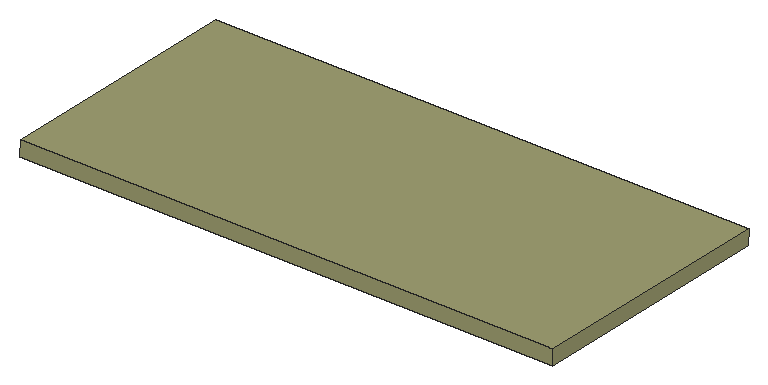
Revit family "Ecowool Brownie Roofwhite (24kgm3)", category Generic Models, host Face, Revit 2020
Family settings
  Host = Face
  Can host rebar = No
  Round Connector Dimension = Use Diameter
  Part Type = Normal
  Cut with Voids When Loaded = No
  Shared = No
  Room Calculation Point = No
Parameters (values of type "Roofwhite EWBL 1.45 (50mm)")
  Width [instance] = 800 mm
  URL = "www.ecowool.com.my"
  Type of Insulation = "Glass Mineral Wool Blanket"
  Thermal R value = 1.45
  Thermal K value = 0.0342
  Remarks = ""
  Material Specification = ""
  Manufacturer = "PGF Insulation Sdn. Bhd."
  Insulation Thickness = 50 mm
  Length(mm) [instance] = 1740 mm
  Finish = Brownie Roofwhite
  ECOWOOL Product thickness in mm = ""
  Description = "ECOWOOL Brownie blanket and slabs are resilient, non-combustible, glass mineral wool products, supplied at roofing and walling application for residential and commercial building"
  Density = 24.00 kg/m³
  Default Elevation = 1219.2 mm
Reference planes
  plane 1 "Center (Front/Back)": y = 0
  plane 2: z = 0
  plane 3 "Center (Left/Right)": x = 0
  plane 4: x = 1740
  plane 5: y = -400
  plane 6: y = 400
Forms (mm)
  Sweep 1, solid, material "Brownie Roofwhite" <- "Finish"
    path origin (0, 0, 0) x (1, 0, 0) y (0, 1, 0)
      loop
        line (0, 0) -> (1740, 0)
    profile origin (870, 0, 0) x (0, 1, 0) y (0, 0, 1)
      loop
        line (-400, 50) -> (-400, 0) -> (400, 0) -> (400, 50) -> (-400, 50)
Lines and regions (mm)
  reference lines
    curve 1: line (0, 0, 0) -> (1740, 0, 0)
Dimensions and locks
  "Width": plane 5 to plane 6
  equal spacing: plane 5, plane 1 "Center (Front/Back)", plane 6
  "Length(mm)": plane 3 "Center (Left/Right)" to plane 4
  "Insulation Thickness": host face to Sweep 1 sketch curve
  aligned and locked: plane 2 to host face
  aligned and locked: level to host face
  aligned and locked: plane 3 "Center (Left/Right)" to curve 1
  aligned and locked: plane 4 to curve 1
  aligned and locked: plane 3 "Center (Left/Right)" to Sweep 1 sketch curve
  aligned and locked: plane 4 to Sweep 1 sketch curve
  aligned and locked: level to Sweep 1 sketch curve
  aligned and locked: plane 6 to Sweep 1 sketch curve
  aligned and locked: Sweep 1 sketch curve to plane 5
Automatic sketch dimensions
  host sketch curve to host sketch curve = 1616.306 mm
  host sketch curve to host sketch curve = 2438.4 mm
  plane 1 "Center (Front/Back)" to curve 1 = 0 mm
  plane 1 "Center (Front/Back)" to Sweep 1 sketch curve = 0 mm
